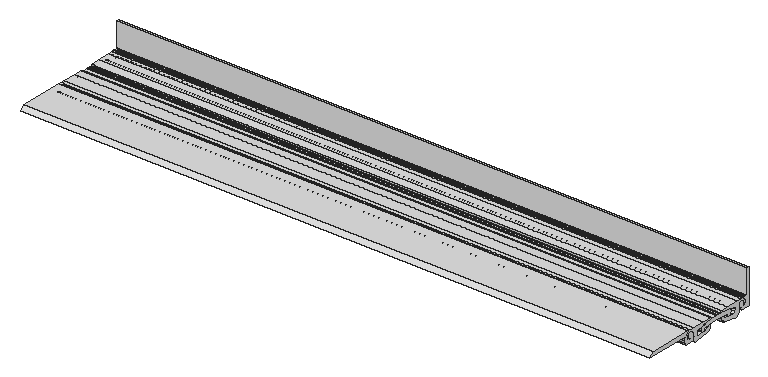
Revit family "Construction-Floors-Conecto-Aluminium Joints ALU AL.125.20", category Specialty Equipment, Revit 2015
Parameters (values of type "Aluminium Joints ALU AL.125.20 N CV")
  Youtube clip = ""
  Weight Net (Kg) = "0"
  Uniformat II Description = ""
  Uniformat II Code = ""
  Uniclass 2015 Name = "Roofs, floor and paving elements"
  Uniclass 2015 Code = "EF_30"
  Uniclass 2.0 Description = ""
  Uniclass 2.0 Code = ""
  Uniclass 1.4 Description = ""
  Uniclass 1.4 Code = ""
  UNSPSC Code = ""
  Technical description = "http://www.conecto-profiles.com/aluminium-joints/floor-joints/alu"
  Rubber Level = 4.5 mm
  Region South America = "None"
  Region Oceania = "None"
  Region North America = "None"
  Region Middle East = "None"
  Region Europe = "AD, AL, AT, AX, BA, BE, BG, BY, CH, CY, CZ, DE, DK, EE, ES, FI, FO, FR, GB, GG, GI, GR, HR, HU, IE, IM, IS, IT, JE, LI, LT, LU, LV, MC, MD, ME, MK, MT, NL, NO, PL, PT, RO, RS, RU, SE, SI, SJ, SK, SM, UA, VA"
  Region Asia = "None"
  Region Antarctica = "None"
  Region Africa = "None"
  QR code = "http://bimobject.com/conecto/product/125"
  Profile = Aluminium - CONECTO - Grey
  Product url = "http://www.conecto-profiles.com/aluminium-joints/floor-joints/alu"
  Product group = "Aluminum profiles"
  Product family = "Expansion profiles"
  Product data url = "https://bimobject.com/conecto/product/125"
  Product certification = ""
  Product SKU = "125"
  Product Guid = "884ffe36-e9b9-4857-93db-e3b185e06c1f"  # constant formula
  OmniClass Description = "Profiles"
  OmniClass Code = "23-13 17 00"
  Nominal width = 125 mm
  Nominal height = 0 mm
  NBS Reference Description = ""
  NBS Reference Code = ""
  N CV = yes
  N = no
  Material secondary = ""
  Material main = "Aluminium"
  Masterformat 2014 Description = ""
  Masterformat 2014 Code = ""
  Manufacturer name = "Conecto"
  Manufacturer country = "Poland"
  Manufacturer = "Conecto"  # constant formula
  Length (mm) [instance] = [built-in parameter 1001306]  # 1000 mm
  built-in parameter 1001306 [instance] = 1000 mm
  Installation instructions = ""
  IFC Classification = "Building Element"
  GTIN code = ""
  Edition number = 1
  Design country = "Poland"
  Date of publishing = "10/18/2019"
  COBIe Type Category = ""
  Brand url = "http://www.profiledylatacyjne.com.pl/"
  BIMobject main category code = "construction"
  BIMobject main category = "Construction"
  BIMobject category code = "construction-floors"
  BIMobject category = "Decks, Slabs & Floors"
  97 CV = no
  97 = no
  .87 CV = no
  .87 = no
  .77 CV = no
  .77 = no
  .62 CV = no
  .62 = no
  .52 CV = no
  .52 = no
  42 CV = no
  42 = no
  .30 CV = no
  .30 = no
  .22 CV = no
  .22 = no
  .15 CV = no
  .15 = no
  #CONST_.20-70 = 70 mm
  Void under Ref level [instance] = 10 mm
Reference planes
  plane 1 "Center (Front/Back)": y = 0
  plane 2: z = 0
  plane 3 "Left": x = 0
  plane 4 "Right": x = 1000
  plane 5: z = -10
  plane 6: z = 4.5
  plane 7: z = 4.501
  plane 8: z = 4.501
Forms (mm)
  Extrusion 1, solid, not visible
    sketch origin (-2850, 171.713, -127.927) x (0, 1, 0) y (0, 0, 1)
      loop
        line (-184.565, 130.919) -> (-184.565, 127.919) -> (-183.2, 127.919) -> (-182.558, 125.719) -> (-184.518, 125.719) -> (-182.923, 122.719) -> (-184.198, 122.719) -> (-183.028, 119.912) -> (-179.301, 119.912) -> (-178.131, 122.719) -> (-179.407, 122.719) -> (-177.811, 125.719) -> (-179.772, 125.719) -> (-179.13, 127.919) -> (-174.23, 127.919) -> (-175.003, 126.004)
        arc (-175.003, 126.004) -> (-174.407, 123.11) -> (-171.713, 121.895) r 3.25
        arc (-171.713, 121.895) -> (-169.019, 123.11) -> (-168.423, 126.004) r 3.25
        line (-168.423, 126.004) -> (-169.196, 127.919) -> (-164.296, 127.919) -> (-163.654, 125.719) -> (-165.615, 125.719) -> (-164.019, 122.719) -> (-165.295, 122.719) -> (-164.125, 119.912) -> (-160.398, 119.912) -> (-159.228, 122.719) -> (-160.503, 122.719) -> (-158.908, 125.719) -> (-160.869, 125.719) -> (-160.226, 127.919) -> (-158.861, 127.919) -> (-158.861, 130.919) -> (-170.813, 130.919) -> (-170.813, 127.919) -> (-169.869, 125.605)
        arc (-169.869, 125.605) -> (-170.213, 124.019) -> (-171.713, 123.398) r 1.75
        arc (-171.713, 123.398) -> (-173.213, 124.019) -> (-173.557, 125.605) r 1.75
        line (-173.557, 125.605) -> (-172.613, 127.919) -> (-172.613, 130.919) -> (-184.565, 130.919)
    from 0 to 1200
  Extrusion 2, solid, not visible
    sketch origin (0, 171.713, 15.235) x (0, 1, 0) y (0, 0, 1)
      loop
        line (-184.565, 130.919) -> (-184.565, 127.919) -> (-183.2, 127.919) -> (-182.558, 125.719) -> (-184.271, 125.719) -> (-182.823, 119.912) -> (-179.301, 119.912) -> (-177.853, 125.719) -> (-179.772, 125.719) -> (-179.13, 127.919) -> (-174.23, 127.919) -> (-175.003, 126.004)
        arc (-175.003, 126.004) -> (-174.407, 123.11) -> (-171.713, 121.895) r 3.25
        arc (-171.713, 121.895) -> (-169.019, 123.11) -> (-168.423, 126.004) r 3.25
        line (-168.423, 126.004) -> (-169.196, 127.919) -> (-164.296, 127.919) -> (-163.654, 125.719) -> (-165.573, 125.719) -> (-164.125, 119.912) -> (-160.603, 119.912) -> (-159.155, 125.719) -> (-160.869, 125.719) -> (-160.226, 127.919) -> (-158.861, 127.919) -> (-158.861, 130.919) -> (-170.813, 130.919) -> (-170.813, 127.919) -> (-169.869, 125.605)
        arc (-169.869, 125.605) -> (-170.213, 124.019) -> (-171.713, 123.398) r 1.75
        arc (-171.713, 123.398) -> (-173.213, 124.019) -> (-173.557, 125.605) r 1.75
        line (-173.557, 125.605) -> (-172.613, 127.919) -> (-172.613, 130.919) -> (-184.565, 130.919)
    from 0 to 300
  Extrusion 3, void
    sketch origin (0, 0, 0) x (0, 1, 0) y (0, 0, 1)
      loop
        line (59.89, 12.014) -> (-60, 12.014) -> (-60, -10) -> (59.89, -10) -> (59.89, 12.014)
    from 0 to 1000
Lines and regions (mm)
  reference lines
    curve 1: line (0, 0, 0) -> (1000, 0, 0)
Dimensions and locks
  "built-in parameter 1001306": plane 3 "Left" to plane 4 "Right"
  "Void under Ref level": plane 2 to plane 5
  "Rubber Level": plane 2 to plane 6
  aligned and locked: plane 4 "Right" to curve 1
  aligned and locked: plane 1 "Center (Front/Back)" to curve 1
  aligned and locked: plane 3 "Left" to curve 1
  aligned and locked: level to plane 2
  aligned and locked: plane 3 "Left" to nested 2
  aligned and locked: Extrusion 3 sketch curve to plane 5
  aligned and locked: Extrusion 3 to curve 1
Automatic sketch dimensions
  Extrusion 1 sketch curve to Extrusion 1 sketch curve = 0 mm  (x11)
  Extrusion 1 sketch curve to Extrusion 1 sketch curve = 1.687 mm  (x2)
  Extrusion 1 sketch curve to Extrusion 1 sketch curve = 1.617 mm  (x2)
  Extrusion 1 sketch curve to Extrusion 1 sketch curve = 1.446 mm  (x2)
  Extrusion 1 sketch curve to Extrusion 1 sketch curve = 2.808 mm  (x2)
  Extrusion 1 sketch curve to Extrusion 1 sketch curve = 0.32 mm  (x2)
  Extrusion 1 sketch curve to Extrusion 1 sketch curve = 1.318 mm  (x2)
  Extrusion 1 sketch curve to Extrusion 1 sketch curve = 1.169 mm  (x2)
  Extrusion 1 sketch curve to Extrusion 1 sketch curve = 1.275 mm  (x4)
  Extrusion 1 sketch curve to Extrusion 1 sketch curve = 1.96 mm  (x4)
  Extrusion 1 sketch curve to Extrusion 1 sketch curve = 2.786 mm  (x2)
  Extrusion 1 sketch curve to Extrusion 1 sketch curve = 0.365 mm  (x2)
  Extrusion 1 sketch curve to Extrusion 1 sketch curve = 0.106 mm  (x2)
  Extrusion 1 sketch curve to Extrusion 1 sketch curve = 0.642 mm  (x2)
  Extrusion 1 sketch curve to Extrusion 1 sketch curve = 1.365 mm  (x2)
  Extrusion 1 sketch curve to Extrusion 1 sketch curve = 2.807 mm  (x5)
  Extrusion 1 sketch curve to Extrusion 1 sketch curve = 3 mm  (x5)
  Extrusion 1 sketch curve to Extrusion 1 sketch curve = 0.398 mm  (x2)
  Extrusion 1 sketch curve to Extrusion 1 sketch curve = 0.773 mm
  Extrusion 1 sketch curve to Extrusion 1 sketch curve = 0.315 mm
  Extrusion 1 sketch curve to Extrusion 1 sketch curve = 1.8 mm
  Extrusion 1 sketch curve to Extrusion 1 sketch curve = 0.578 mm
  Extrusion 1 sketch curve to Extrusion 1 sketch curve = 0.465 mm  (x2)
  Extrusion 1 sketch curve to Extrusion 1 sketch curve = 0.285 mm
  Extrusion 1 sketch curve to Extrusion 1 sketch curve = 2.2 mm  (x3)
  Extrusion 1 sketch curve to Extrusion 1 sketch curve = 1.915 mm
  Extrusion 2 sketch curve to Extrusion 2 sketch curve = 0 mm  (x10)
  Extrusion 2 sketch curve to Extrusion 2 sketch curve = 0.294 mm
  Extrusion 2 sketch curve to Extrusion 2 sketch curve = 1.365 mm  (x2)
  Extrusion 2 sketch curve to Extrusion 2 sketch curve = 1.448 mm  (x2)
  Extrusion 2 sketch curve to Extrusion 2 sketch curve = 1.713 mm  (x2)
  Extrusion 2 sketch curve to Extrusion 2 sketch curve = 2.786 mm  (x2)
  Extrusion 2 sketch curve to Extrusion 2 sketch curve = 3.522 mm  (x2)
  Extrusion 2 sketch curve to Extrusion 2 sketch curve = 0.642 mm  (x2)
  Extrusion 2 sketch curve to Extrusion 2 sketch curve = 1.919 mm  (x2)
  Extrusion 2 sketch curve to Extrusion 2 sketch curve = 2.85 mm  (x2)
  Extrusion 2 sketch curve to Extrusion 2 sketch curve = 0.773 mm
  Extrusion 2 sketch curve to Extrusion 2 sketch curve = 1.446 mm  (x2)
  Extrusion 2 sketch curve to Extrusion 2 sketch curve = 1.617 mm  (x2)
  Extrusion 2 sketch curve to Extrusion 2 sketch curve = 1.687 mm  (x2)
  Extrusion 2 sketch curve to Extrusion 2 sketch curve = 0.315 mm
  Extrusion 2 sketch curve to Extrusion 2 sketch curve = 1.8 mm
  Extrusion 2 sketch curve to Extrusion 2 sketch curve = 1.277 mm
  Extrusion 2 sketch curve to Extrusion 2 sketch curve = 5.229 mm
  Extrusion 2 sketch curve to Extrusion 2 sketch curve = 0.465 mm  (x2)
  Extrusion 2 sketch curve to Extrusion 2 sketch curve = 5.807 mm  (x2)
  Extrusion 2 sketch curve to Extrusion 2 sketch curve = 0.398 mm  (x2)
  Extrusion 2 sketch curve to Extrusion 2 sketch curve = 2.2 mm  (x3)
  Extrusion 2 sketch curve to Extrusion 2 sketch curve = 1.915 mm
  Extrusion 2 sketch curve to Extrusion 2 sketch curve = 3 mm  (x2)
  level to Extrusion 3 sketch curve = 12.014 mm
  plane 1 "Center (Front/Back)" to Extrusion 3 sketch curve = 60 mm
  Extrusion 3 sketch curve to plane 1 "Center (Front/Back)" = 59.89 mm
Nested families
  nested 1: "Standard" at (0, 0, 74.485), type "Standard"
    with N CV yes, N Base yes, 52 CV no, .52 Base no
  nested 2: "Rubber" at (0, 1.017, -9.202), type "Rubber"
  nested 3: "Standard" at (0, 0, 74.485), type "Standard", not visible
    with N CV yes, N Base yes, 52 CV no, .52 Base no
  nested 4: "Rubber" at (0, 1.017, -9.202), type "Rubber", not visible
Definition of nested family "Standard"
  Parameters (values of type "Standard")
    Space = 92.5 mm
    N CV = no
    N Base = or(N, N CV)  # no
    N = no
    Material = none
    Length = 1000 mm
    97 CV = no
    97 = no
    87 CV = no
    87 = no
    77 CV = no
    77 = no
    62 CV = no
    62 = no
    52 CV = yes
    .97 Base = or([97], [97 CV])  # no
    .87 Base = or([87], [87 CV])  # no
    .77 Base = or([77], [77 CV])  # no
    .62 Base = or([62], [62 CV])  # no
    .52 Base = or([52], [52 CV])  # yes
    52 = no
    42 CV = no
    .42 Base = or([42], [42 CV])  # no
    42 = no
    30 CV = no
    .15 Base = or([15], [15 CV])  # no
    .14 Base = or([30], [30 CV])  # no
    30 = no
    22 CV = no
    .22 Base = or([22], [22 CV])  # no
    22 = no
    15 CV = no
    .30 Base = or([30], [30 CV])  # no
    15 = no
  Reference planes
    plane 1 "Center (Front/Back)": y = 0
    plane 2: z = -84.674
    plane 3 "Center (Left/Right)": x = 0
    plane 4: x = 1000
    plane 5: y = -46.25
    plane 6: y = 46.25
    plane 7: z = 14.705
  Forms (mm)
    Extrusion 1, solid, material <- "Material", visible <- "97 CV"
      sketch origin (0, 265.991, -904.766) x (0, 1, 0) y (0, 0, 1)
        loop
          line (-201.923, 873.746) -> (-205.04, 873.746) -> (-205.04, 835.127) -> (-205.96, 834.792) -> (-209.827, 834.792) -> (-210.641, 834.496) -> (-210.718, 833.393) -> (-208.945, 831.491) -> (-208.417, 832.217) -> (-207.752, 832.736) -> (-206.82, 832.622) -> (-206.117, 831.722) -> (-205.767, 830.705) -> (-206.108, 829.814) -> (-206.916, 829.438) -> (-207.876, 829.573) -> (-207.876, 828.777) -> (-207.577, 827.908) -> (-207.52, 826.828) -> (-207.571, 825.864) -> (-207.711, 824.98) -> (-207.95, 824.148) -> (-208.409, 823.064) -> (-209.025, 822.529) -> (-212.252, 822.529) -> (-213.023, 823.216) -> (-212.803, 824.037) -> (-212.317, 824.758) -> (-211.965, 825.586) -> (-211.777, 826.401) -> (-211.83, 827.414) -> (-212.168, 828.454) -> (-212.625, 829.245) -> (-213.196, 829.816) -> (-213.85, 830.274) -> (-214.582, 830.57) -> (-215.423, 830.749) -> (-216.267, 830.749) -> (-217.048, 830.554) -> (-217.756, 830.209) -> (-218.421, 829.744) -> (-218.961, 829.144) -> (-219.426, 828.339) -> (-219.663, 827.513) -> (-219.723, 826.646) -> (-219.596, 825.742) -> (-219.258, 824.946) -> (-218.755, 824.227) -> (-213.966, 818.405) -> (-201.923, 818.405) -> (-201.923, 873.746)
      from 0 to 1000
    Extrusion 2, solid, material <- "Material", visible <- "87 CV"
      sketch origin (0, 265.988, -904.764) x (0, 1, 0) y (0, 0, 1)
        loop
          line (-201.923, 873.746) -> (-205.04, 873.746) -> (-205.04, 835.127) -> (-205.96, 834.792) -> (-209.827, 834.792) -> (-210.641, 834.496) -> (-210.718, 833.393) -> (-208.945, 831.491) -> (-208.417, 832.217) -> (-207.752, 832.736) -> (-206.82, 832.622) -> (-206.117, 831.722) -> (-205.767, 830.705) -> (-206.108, 829.814) -> (-206.916, 829.438) -> (-207.876, 829.573) -> (-207.876, 828.777) -> (-207.577, 827.908) -> (-207.52, 826.828) -> (-207.571, 825.864) -> (-207.711, 824.98) -> (-207.95, 824.148) -> (-208.409, 823.064) -> (-209.025, 822.529) -> (-212.252, 822.529) -> (-213.023, 823.216) -> (-212.803, 824.037) -> (-212.317, 824.758) -> (-211.965, 825.586) -> (-211.777, 826.401) -> (-211.83, 827.414) -> (-212.168, 828.454) -> (-212.625, 829.245) -> (-213.196, 829.816) -> (-213.85, 830.274) -> (-214.582, 830.57) -> (-215.423, 830.749) -> (-216.267, 830.749) -> (-217.048, 830.554) -> (-217.756, 830.209) -> (-218.421, 829.744) -> (-218.961, 829.144) -> (-219.426, 828.339) -> (-219.663, 827.513) -> (-219.723, 826.646) -> (-219.596, 825.742) -> (-219.258, 824.946) -> (-218.755, 824.227) -> (-213.966, 818.405) -> (-201.923, 818.405) -> (-201.923, 873.746)
      from 0 to 1000
    Extrusion 3, solid, material <- "Material", visible <- "77 CV"
      sketch origin (0, 265.99, -904.764) x (0, 1, 0) y (0, 0, 1)
        loop
          line (-201.923, 873.746) -> (-205.04, 873.746) -> (-205.04, 835.127) -> (-205.96, 834.792) -> (-209.827, 834.792) -> (-210.641, 834.496) -> (-210.718, 833.393) -> (-208.945, 831.491) -> (-208.417, 832.217) -> (-207.752, 832.736) -> (-206.82, 832.622) -> (-206.117, 831.722) -> (-205.767, 830.705) -> (-206.108, 829.814) -> (-206.916, 829.438) -> (-207.876, 829.573) -> (-207.876, 828.777) -> (-207.577, 827.908) -> (-207.52, 826.828) -> (-207.571, 825.864) -> (-207.711, 824.98) -> (-207.95, 824.148) -> (-208.409, 823.064) -> (-209.025, 822.529) -> (-212.252, 822.529) -> (-213.023, 823.216) -> (-212.803, 824.037) -> (-212.317, 824.758) -> (-211.965, 825.586) -> (-211.777, 826.401) -> (-211.83, 827.414) -> (-212.168, 828.454) -> (-212.625, 829.245) -> (-213.196, 829.816) -> (-213.85, 830.274) -> (-214.582, 830.57) -> (-215.423, 830.749) -> (-216.267, 830.749) -> (-217.048, 830.554) -> (-217.756, 830.209) -> (-218.421, 829.744) -> (-218.961, 829.144) -> (-219.426, 828.339) -> (-219.663, 827.513) -> (-219.723, 826.646) -> (-219.596, 825.742) -> (-219.258, 824.946) -> (-218.755, 824.227) -> (-213.966, 818.405) -> (-201.923, 818.405) -> (-201.923, 873.746)
      from 0 to 1000
    Extrusion 4, solid, material <- "Material", visible <- "62 CV"
      sketch origin (0, 265.99, -989.381) x (0, 1, 0) y (0, 0, 1)
        loop
          line (-201.923, 958.42) -> (-205.04, 958.42) -> (-205.04, 919.801) -> (-205.96, 919.466) -> (-209.827, 919.466) -> (-210.641, 919.17) -> (-210.718, 918.067) -> (-208.945, 916.165) -> (-208.417, 916.891) -> (-207.752, 917.41) -> (-206.82, 917.296) -> (-206.117, 916.395) -> (-205.767, 915.379) -> (-206.108, 914.488) -> (-206.916, 914.112) -> (-207.876, 914.247) -> (-207.876, 913.451) -> (-207.577, 912.582) -> (-207.52, 911.502) -> (-207.571, 910.538) -> (-207.711, 909.654) -> (-207.95, 908.822) -> (-208.409, 907.738) -> (-209.025, 907.203) -> (-212.252, 907.203) -> (-213.023, 907.89) -> (-212.803, 908.711) -> (-212.317, 909.431) -> (-211.965, 910.26) -> (-211.777, 911.075) -> (-211.83, 912.088) -> (-212.168, 913.128) -> (-212.625, 913.919) -> (-213.196, 914.49) -> (-213.85, 914.948) -> (-214.582, 915.244) -> (-215.423, 915.423) -> (-216.267, 915.423) -> (-217.048, 915.228) -> (-217.756, 914.883) -> (-218.421, 914.417) -> (-218.961, 913.818) -> (-219.426, 913.012) -> (-219.663, 912.187) -> (-219.723, 911.32) -> (-219.596, 910.416) -> (-219.258, 909.619) -> (-218.755, 908.901) -> (-213.966, 903.079) -> (-201.923, 903.079) -> (-201.923, 958.42)
      from 0 to 1000
    Extrusion 5, solid, material <- "Material", visible <- "52 CV"
      sketch origin (0, 265.991, -904.766) x (0, 1, 0) y (0, 0, 1)
        loop
          line (-201.923, 873.746) -> (-205.04, 873.746) -> (-205.04, 835.127) -> (-205.96, 834.792) -> (-209.827, 834.792) -> (-210.641, 834.496) -> (-210.718, 833.393) -> (-208.945, 831.491) -> (-208.417, 832.217) -> (-207.752, 832.736) -> (-206.82, 832.622) -> (-206.117, 831.722) -> (-205.767, 830.705) -> (-206.108, 829.814) -> (-206.916, 829.438) -> (-207.876, 829.573) -> (-207.876, 828.777) -> (-207.577, 827.908) -> (-207.52, 826.828) -> (-207.571, 825.864) -> (-207.711, 824.98) -> (-207.95, 824.148) -> (-208.409, 823.064) -> (-209.025, 822.529) -> (-212.252, 822.529) -> (-213.023, 823.216) -> (-212.803, 824.037) -> (-212.317, 824.758) -> (-211.965, 825.586) -> (-211.777, 826.401) -> (-211.83, 827.414) -> (-212.168, 828.454) -> (-212.625, 829.245) -> (-213.196, 829.816) -> (-213.85, 830.274) -> (-214.582, 830.57) -> (-215.423, 830.749) -> (-216.267, 830.749) -> (-217.048, 830.554) -> (-217.756, 830.209) -> (-218.421, 829.744) -> (-218.961, 829.144) -> (-219.426, 828.339) -> (-219.663, 827.513) -> (-219.723, 826.646) -> (-219.596, 825.742) -> (-219.258, 824.946) -> (-218.755, 824.227) -> (-213.966, 818.405) -> (-201.923, 818.405) -> (-201.923, 873.746)
      from 0 to 1000
    Extrusion 6, solid, material <- "Material", visible <- "42 CV"
      sketch origin (0, 265.988, -904.764) x (0, 1, 0) y (0, 0, 1)
        loop
          line (-201.923, 873.746) -> (-205.04, 873.746) -> (-205.04, 835.127) -> (-205.96, 834.792) -> (-209.827, 834.792) -> (-210.641, 834.496) -> (-210.718, 833.393) -> (-208.945, 831.491) -> (-208.417, 832.217) -> (-207.752, 832.736) -> (-206.82, 832.622) -> (-206.117, 831.722) -> (-205.767, 830.705) -> (-206.108, 829.814) -> (-206.916, 829.438) -> (-207.876, 829.573) -> (-207.876, 828.777) -> (-207.577, 827.908) -> (-207.52, 826.828) -> (-207.571, 825.864) -> (-207.711, 824.98) -> (-207.95, 824.148) -> (-208.409, 823.064) -> (-209.025, 822.529) -> (-212.252, 822.529) -> (-213.023, 823.216) -> (-212.803, 824.037) -> (-212.317, 824.758) -> (-211.965, 825.586) -> (-211.777, 826.401) -> (-211.83, 827.414) -> (-212.168, 828.454) -> (-212.625, 829.245) -> (-213.196, 829.816) -> (-213.85, 830.274) -> (-214.582, 830.57) -> (-215.423, 830.749) -> (-216.267, 830.749) -> (-217.048, 830.554) -> (-217.756, 830.209) -> (-218.421, 829.744) -> (-218.961, 829.144) -> (-219.426, 828.339) -> (-219.663, 827.513) -> (-219.723, 826.646) -> (-219.596, 825.742) -> (-219.258, 824.946) -> (-218.755, 824.227) -> (-213.966, 818.405) -> (-201.923, 818.405) -> (-201.923, 873.746)
      from 0 to 1000
    Extrusion 7, solid, material <- "Material", visible <- "30 CV"
      sketch origin (0, 265.99, -904.764) x (0, 1, 0) y (0, 0, 1)
        loop
          line (-201.923, 873.746) -> (-205.04, 873.746) -> (-205.04, 835.127) -> (-205.96, 834.792) -> (-209.827, 834.792) -> (-210.641, 834.496) -> (-210.718, 833.393) -> (-208.945, 831.491) -> (-208.417, 832.217) -> (-207.752, 832.736) -> (-206.82, 832.622) -> (-206.117, 831.722) -> (-205.767, 830.705) -> (-206.108, 829.814) -> (-206.916, 829.438) -> (-207.876, 829.573) -> (-207.876, 828.777) -> (-207.577, 827.908) -> (-207.52, 826.828) -> (-207.571, 825.864) -> (-207.711, 824.98) -> (-207.95, 824.148) -> (-208.409, 823.064) -> (-209.025, 822.529) -> (-212.252, 822.529) -> (-213.023, 823.216) -> (-212.803, 824.037) -> (-212.317, 824.758) -> (-211.965, 825.586) -> (-211.777, 826.401) -> (-211.83, 827.414) -> (-212.168, 828.454) -> (-212.625, 829.245) -> (-213.196, 829.816) -> (-213.85, 830.274) -> (-214.582, 830.57) -> (-215.423, 830.749) -> (-216.267, 830.749) -> (-217.048, 830.554) -> (-217.756, 830.209) -> (-218.421, 829.744) -> (-218.961, 829.144) -> (-219.426, 828.339) -> (-219.663, 827.513) -> (-219.723, 826.646) -> (-219.596, 825.742) -> (-219.258, 824.946) -> (-218.755, 824.227) -> (-213.966, 818.405) -> (-201.923, 818.405) -> (-201.923, 873.746)
      from 0 to 1000
    Extrusion 8, solid, material <- "Material", visible <- "22 CV"
      sketch origin (0, 265.99, -989.381) x (0, 1, 0) y (0, 0, 1)
        loop
          line (-201.923, 958.42) -> (-205.04, 958.42) -> (-205.04, 919.801) -> (-205.96, 919.466) -> (-209.827, 919.466) -> (-210.641, 919.17) -> (-210.718, 918.067) -> (-208.945, 916.165) -> (-208.417, 916.891) -> (-207.752, 917.41) -> (-206.82, 917.296) -> (-206.117, 916.395) -> (-205.767, 915.379) -> (-206.108, 914.488) -> (-206.916, 914.112) -> (-207.876, 914.247) -> (-207.876, 913.451) -> (-207.577, 912.582) -> (-207.52, 911.502) -> (-207.571, 910.538) -> (-207.711, 909.654) -> (-207.95, 908.822) -> (-208.409, 907.738) -> (-209.025, 907.203) -> (-212.252, 907.203) -> (-213.023, 907.89) -> (-212.803, 908.711) -> (-212.317, 909.431) -> (-211.965, 910.26) -> (-211.777, 911.075) -> (-211.83, 912.088) -> (-212.168, 913.128) -> (-212.625, 913.919) -> (-213.196, 914.49) -> (-213.85, 914.948) -> (-214.582, 915.244) -> (-215.423, 915.423) -> (-216.267, 915.423) -> (-217.048, 915.228) -> (-217.756, 914.883) -> (-218.421, 914.417) -> (-218.961, 913.818) -> (-219.426, 913.012) -> (-219.663, 912.187) -> (-219.723, 911.32) -> (-219.596, 910.416) -> (-219.258, 909.619) -> (-218.755, 908.901) -> (-213.966, 903.079) -> (-201.923, 903.079) -> (-201.923, 958.42)
      from 0 to 1000
    Extrusion 9, solid, material <- "Material", visible <- "15 CV"
      sketch origin (0, 265.976, -904.758) x (0, 1, 0) y (0, 0, 1)
        loop
          line (-201.923, 873.746) -> (-205.04, 873.746) -> (-205.04, 835.127) -> (-205.96, 834.792) -> (-209.827, 834.792) -> (-210.641, 834.496) -> (-210.718, 833.393) -> (-208.945, 831.491) -> (-208.417, 832.217) -> (-207.752, 832.736) -> (-206.82, 832.622) -> (-206.117, 831.722) -> (-205.767, 830.705) -> (-206.108, 829.814) -> (-206.916, 829.438) -> (-207.876, 829.573) -> (-207.876, 828.777) -> (-207.577, 827.908) -> (-207.52, 826.828) -> (-207.571, 825.864) -> (-207.711, 824.98) -> (-207.95, 824.148) -> (-208.409, 823.064) -> (-209.025, 822.529) -> (-212.252, 822.529) -> (-213.023, 823.216) -> (-212.803, 824.037) -> (-212.317, 824.758) -> (-211.965, 825.586) -> (-211.777, 826.401) -> (-211.83, 827.414) -> (-212.168, 828.454) -> (-212.625, 829.245) -> (-213.196, 829.816) -> (-213.85, 830.274) -> (-214.582, 830.57) -> (-215.423, 830.749) -> (-216.267, 830.749) -> (-217.048, 830.554) -> (-217.756, 830.209) -> (-218.421, 829.744) -> (-218.961, 829.144) -> (-219.426, 828.339) -> (-219.663, 827.513) -> (-219.723, 826.646) -> (-219.596, 825.742) -> (-219.258, 824.946) -> (-218.755, 824.227) -> (-213.966, 818.405) -> (-201.923, 818.405) -> (-201.923, 873.746)
      from 0 to 1000
    Extrusion 10, solid, material <- "Material", visible <- "N CV"
      sketch origin (0, 265.973, -904.756) x (0, 1, 0) y (0, 0, 1)
        loop
          line (-201.923, 873.746) -> (-205.04, 873.746) -> (-205.04, 835.127) -> (-205.96, 834.792) -> (-209.827, 834.792) -> (-210.641, 834.496) -> (-210.718, 833.393) -> (-208.945, 831.491) -> (-208.417, 832.217) -> (-207.752, 832.736) -> (-206.82, 832.622) -> (-206.117, 831.722) -> (-205.767, 830.705) -> (-206.108, 829.814) -> (-206.916, 829.438) -> (-207.876, 829.573) -> (-207.876, 828.777) -> (-207.577, 827.908) -> (-207.52, 826.828) -> (-207.571, 825.864) -> (-207.711, 824.98) -> (-207.95, 824.148) -> (-208.409, 823.064) -> (-209.025, 822.529) -> (-212.252, 822.529) -> (-213.023, 823.216) -> (-212.803, 824.037) -> (-212.317, 824.758) -> (-211.965, 825.586) -> (-211.777, 826.401) -> (-211.83, 827.414) -> (-212.168, 828.454) -> (-212.625, 829.245) -> (-213.196, 829.816) -> (-213.85, 830.274) -> (-214.582, 830.57) -> (-215.423, 830.749) -> (-216.267, 830.749) -> (-217.048, 830.554) -> (-217.756, 830.209) -> (-218.421, 829.744) -> (-218.961, 829.144) -> (-219.426, 828.339) -> (-219.663, 827.513) -> (-219.723, 826.646) -> (-219.596, 825.742) -> (-219.258, 824.946) -> (-218.755, 824.227) -> (-213.966, 818.405) -> (-201.923, 818.405) -> (-201.923, 873.746)
      from 0 to 1000
    Extrusion 11, solid, material <- "Material", visible <- ".97 Base"
      sketch origin (0, 265.433, 968.395) x (0, 1, 0) y (0, 0, 1)
        loop
          line (-328.099, -1038.38) -> (-328.099, -1047.322) -> (-327.155, -1051.761) -> (-328.066, -1052.847) -> (-328.066, -1055.109) -> (-321.573, -1055.109) -> (-320.746, -1054.612) -> (-319.959, -1054.386) -> (-319.07, -1054.386) -> (-318.193, -1054.688) -> (-317.564, -1055.162) -> (-317.041, -1055.764) -> (-316.694, -1056.543) -> (-316.609, -1057.347) -> (-316.68, -1058.158) -> (-317.165, -1059.151) -> (-317.886, -1059.824) -> (-318.6, -1060.204) -> (-319.375, -1060.354) -> (-320.163, -1060.285) -> (-320.938, -1060.033) -> (-321.545, -1059.542) -> (-322.453, -1059.606) -> (-328.108, -1059.606) -> (-328.108, -1062.159) -> (-325.808, -1062.564) -> (-318.108, -1063.974) -> (-317.835, -1064.768) -> (-317.835, -1128.086) -> (-318.253, -1129.646) -> (-319.023, -1130.564) -> (-320.727, -1131.151) -> (-322.881, -1130.848) -> (-385.157, -1130.848) -> (-387.235, -1132.048) -> (-387.92, -1132.732) -> (-387.786, -1134.643) -> (-386.961, -1135.222) -> (-385.536, -1135.396) -> (-313.708, -1135.396) -> (-313.708, -1061.81) -> (-312.573, -1058.514) -> (-312.573, -1055.983) -> (-313.708, -1052.687) -> (-313.708, -1047.26) -> (-313.052, -1046.389) -> (-311.792, -1046.389) -> (-311.792, -1045.229) -> (-312.573, -1043.929) -> (-313.419, -1043.219) -> (-314.229, -1042.714) -> (-315.061, -1042.506) -> (-315.992, -1042.408) -> (-316.903, -1042.552) -> (-317.825, -1042.925) -> (-318.601, -1043.624) -> (-319.258, -1044.353) -> (-319.636, -1045.164) -> (-319.791, -1045.963) -> (-319.791, -1047.063) -> (-319.533, -1047.858) -> (-319.045, -1048.776) -> (-318.56, -1049.688) -> (-318.858, -1050.426) -> (-319.6, -1050.741) -> (-322.245, -1050.741) -> (-322.964, -1050.358) -> (-323.455, -1049.435) -> (-323.804, -1048.361) -> (-324.049, -1046.361) -> (-323.953, -1045.256) -> (-323.644, -1043.667) -> (-324.475, -1043.667) -> (-325.261, -1043.486) -> (-325.759, -1042.847) -> (-325.732, -1042.061) -> (-324.895, -1040.668) -> (-324.121, -1040.431) -> (-323.343, -1040.699) -> (-322.646, -1041.772) -> (-322.051, -1041.037) -> (-321.166, -1040.152) -> (-320.706, -1039.387) -> (-321.311, -1038.38) -> (-328.099, -1038.38)
      from 0 to 1000
    Extrusion 12, solid, material <- "Material", visible <- ".87 Base"
      sketch origin (0, 265.433, 968.395) x (0, 1, 0) y (0, 0, 1)
        loop
          line (-328.099, -1038.38) -> (-328.099, -1047.322) -> (-327.155, -1051.761) -> (-328.066, -1052.847) -> (-328.066, -1055.109) -> (-321.573, -1055.109) -> (-320.746, -1054.612) -> (-319.959, -1054.386) -> (-319.07, -1054.386) -> (-318.193, -1054.688) -> (-317.564, -1055.162) -> (-317.041, -1055.764) -> (-316.694, -1056.543) -> (-316.609, -1057.347) -> (-316.68, -1058.158) -> (-317.165, -1059.151) -> (-317.886, -1059.824) -> (-318.6, -1060.204) -> (-319.375, -1060.354) -> (-320.163, -1060.285) -> (-320.938, -1060.033) -> (-321.545, -1059.542) -> (-322.453, -1059.606) -> (-328.108, -1059.606) -> (-328.108, -1062.159) -> (-325.808, -1062.564) -> (-318.108, -1063.974) -> (-317.835, -1064.768) -> (-317.835, -1117.856) -> (-318.273, -1119.493) -> (-320.388, -1120.714) -> (-385.165, -1120.714) -> (-387.235, -1121.909) -> (-387.92, -1122.594) -> (-387.786, -1124.505) -> (-386.961, -1125.083) -> (-385.536, -1125.258) -> (-313.708, -1125.258) -> (-313.708, -1061.81) -> (-312.573, -1058.514) -> (-312.573, -1055.983) -> (-313.708, -1052.687) -> (-313.708, -1047.26) -> (-313.052, -1046.389) -> (-311.792, -1046.389) -> (-311.792, -1045.229) -> (-312.573, -1043.929) -> (-313.419, -1043.219) -> (-314.229, -1042.714) -> (-315.061, -1042.506) -> (-315.992, -1042.408) -> (-316.903, -1042.552) -> (-317.825, -1042.925) -> (-318.601, -1043.624) -> (-319.258, -1044.353) -> (-319.636, -1045.164) -> (-319.791, -1045.963) -> (-319.791, -1047.063) -> (-319.533, -1047.858) -> (-319.045, -1048.776) -> (-318.56, -1049.688) -> (-318.858, -1050.426) -> (-319.6, -1050.741) -> (-322.245, -1050.741) -> (-322.964, -1050.358) -> (-323.455, -1049.435) -> (-323.804, -1048.361) -> (-324.049, -1046.361) -> (-323.953, -1045.256) -> (-323.644, -1043.667) -> (-324.475, -1043.667) -> (-325.261, -1043.486) -> (-325.759, -1042.847) -> (-325.732, -1042.061) -> (-324.895, -1040.668) -> (-324.121, -1040.431) -> (-323.343, -1040.699) -> (-322.646, -1041.772) -> (-322.051, -1041.037) -> (-321.166, -1040.152) -> (-320.706, -1039.387) -> (-321.311, -1038.38) -> (-328.099, -1038.38)
      from 0 to 1000
    Extrusion 13, solid, material <- "Material", visible <- ".77 Base"
      sketch origin (0, 265.433, 968.395) x (0, 1, 0) y (0, 0, 1)
        loop
          line (-328.099, -1038.38) -> (-328.099, -1047.322) -> (-327.155, -1051.761) -> (-328.066, -1052.847) -> (-328.066, -1055.109) -> (-321.573, -1055.109) -> (-320.746, -1054.612) -> (-319.959, -1054.386) -> (-319.07, -1054.386) -> (-318.193, -1054.688) -> (-317.564, -1055.162) -> (-317.041, -1055.764) -> (-316.694, -1056.543) -> (-316.609, -1057.347) -> (-316.68, -1058.158) -> (-317.165, -1059.151) -> (-317.886, -1059.824) -> (-318.6, -1060.204) -> (-319.375, -1060.354) -> (-320.163, -1060.285) -> (-320.938, -1060.033) -> (-321.545, -1059.542) -> (-322.453, -1059.606) -> (-328.108, -1059.606) -> (-328.108, -1062.159) -> (-325.808, -1062.564) -> (-318.108, -1063.974) -> (-317.835, -1064.768) -> (-317.835, -1109.136) -> (-318.766, -1110.285) -> (-320.091, -1110.99) -> (-322.898, -1110.793) -> (-385.132, -1110.793) -> (-387.335, -1112.065) -> (-388.019, -1112.75) -> (-387.886, -1114.661) -> (-387.06, -1115.239) -> (-385.635, -1115.414) -> (-313.708, -1115.414) -> (-313.708, -1061.81) -> (-312.573, -1058.514) -> (-312.573, -1055.983) -> (-313.708, -1052.687) -> (-313.708, -1047.26) -> (-313.052, -1046.389) -> (-311.792, -1046.389) -> (-311.792, -1045.229) -> (-312.573, -1043.929) -> (-313.419, -1043.219) -> (-314.229, -1042.714) -> (-315.061, -1042.506) -> (-315.992, -1042.408) -> (-316.903, -1042.552) -> (-317.825, -1042.925) -> (-318.601, -1043.624) -> (-319.258, -1044.353) -> (-319.636, -1045.164) -> (-319.791, -1045.963) -> (-319.791, -1047.063) -> (-319.533, -1047.858) -> (-319.045, -1048.776) -> (-318.56, -1049.688) -> (-318.858, -1050.426) -> (-319.6, -1050.741) -> (-322.245, -1050.741) -> (-322.964, -1050.358) -> (-323.455, -1049.435) -> (-323.804, -1048.361) -> (-324.049, -1046.361) -> (-323.953, -1045.256) -> (-323.644, -1043.667) -> (-324.475, -1043.667) -> (-325.261, -1043.486) -> (-325.759, -1042.847) -> (-325.732, -1042.061) -> (-324.895, -1040.668) -> (-324.121, -1040.431) -> (-323.343, -1040.699) -> (-322.646, -1041.772) -> (-322.051, -1041.037) -> (-321.166, -1040.152) -> (-320.706, -1039.387) -> (-321.311, -1038.38) -> (-328.099, -1038.38)
      from 0 to 1000
    Extrusion 14, solid, material <- "Material", visible <- ".62 Base"
      sketch origin (0, 265.434, 968.395) x (0, 1, 0) y (0, 0, 1)
        loop
          line (-328.099, -1038.38) -> (-328.099, -1047.322) -> (-327.155, -1051.761) -> (-328.066, -1052.847) -> (-328.066, -1055.109) -> (-321.573, -1055.109) -> (-320.746, -1054.612) -> (-319.959, -1054.386) -> (-319.07, -1054.386) -> (-318.193, -1054.688) -> (-317.564, -1055.162) -> (-317.041, -1055.764) -> (-316.694, -1056.543) -> (-316.609, -1057.347) -> (-316.68, -1058.158) -> (-317.165, -1059.151) -> (-317.886, -1059.824) -> (-318.6, -1060.204) -> (-319.375, -1060.354) -> (-320.163, -1060.285) -> (-320.938, -1060.033) -> (-321.545, -1059.542) -> (-322.453, -1059.606) -> (-328.108, -1059.606) -> (-328.108, -1062.159) -> (-325.808, -1062.564) -> (-318.108, -1063.974) -> (-317.835, -1064.768) -> (-317.835, -1093.653) -> (-318.231, -1094.742) -> (-318.966, -1095.619) -> (-320.318, -1096.11) -> (-321.106, -1096.179) -> (-322.795, -1095.912) -> (-385.197, -1095.912) -> (-387.26, -1097.103) -> (-387.944, -1097.787) -> (-387.811, -1099.698) -> (-386.985, -1100.277) -> (-385.56, -1100.452) -> (-313.708, -1100.452) -> (-313.708, -1061.81) -> (-312.573, -1058.514) -> (-312.573, -1055.983) -> (-313.708, -1052.687) -> (-313.708, -1047.26) -> (-313.052, -1046.389) -> (-311.792, -1046.389) -> (-311.792, -1045.229) -> (-312.573, -1043.929) -> (-313.419, -1043.219) -> (-314.229, -1042.714) -> (-315.061, -1042.506) -> (-315.992, -1042.408) -> (-316.903, -1042.552) -> (-317.825, -1042.925) -> (-318.601, -1043.624) -> (-319.258, -1044.353) -> (-319.636, -1045.164) -> (-319.791, -1045.963) -> (-319.791, -1047.063) -> (-319.533, -1047.858) -> (-319.045, -1048.776) -> (-318.56, -1049.688) -> (-318.858, -1050.426) -> (-319.6, -1050.741) -> (-322.245, -1050.741) -> (-322.964, -1050.358) -> (-323.455, -1049.435) -> (-323.804, -1048.361) -> (-324.049, -1046.361) -> (-323.953, -1045.256) -> (-323.644, -1043.667) -> (-324.475, -1043.667) -> (-325.261, -1043.486) -> (-325.759, -1042.847) -> (-325.732, -1042.061) -> (-324.895, -1040.668) -> (-324.121, -1040.431) -> (-323.343, -1040.699) -> (-322.646, -1041.772) -> (-322.051, -1041.037) -> (-321.166, -1040.152) -> (-320.706, -1039.387) -> (-321.311, -1038.38) -> (-328.099, -1038.38)
      from 0 to 1000
    Extrusion 15, solid, material <- "Material", visible <- ".52 Base"
      sketch origin (0, 265.433, 968.395) x (0, 1, 0) y (0, 0, 1)
        loop
          line (-328.099, -1038.38) -> (-328.099, -1047.322) -> (-327.155, -1051.761) -> (-328.066, -1052.847) -> (-328.066, -1055.109) -> (-321.573, -1055.109) -> (-320.746, -1054.612) -> (-319.959, -1054.386) -> (-319.07, -1054.386) -> (-318.193, -1054.688) -> (-317.564, -1055.162) -> (-317.041, -1055.764) -> (-316.694, -1056.543) -> (-316.609, -1057.347) -> (-316.68, -1058.158) -> (-317.165, -1059.151) -> (-317.886, -1059.824) -> (-318.6, -1060.204) -> (-319.375, -1060.354) -> (-320.163, -1060.285) -> (-320.938, -1060.033) -> (-321.545, -1059.542) -> (-322.453, -1059.606) -> (-328.108, -1059.606) -> (-328.108, -1062.159) -> (-325.808, -1062.564) -> (-318.108, -1063.974) -> (-317.835, -1064.768) -> (-317.835, -1083.114) -> (-318.602, -1085.013) -> (-319.653, -1085.895) -> (-321.949, -1086.136) -> (-322.902, -1085.881) -> (-385.206, -1085.881) -> (-387.26, -1087.067) -> (-387.944, -1087.751) -> (-387.811, -1089.662) -> (-386.985, -1090.24) -> (-385.56, -1090.415) -> (-313.708, -1090.415) -> (-313.708, -1061.81) -> (-312.573, -1058.514) -> (-312.573, -1055.983) -> (-313.708, -1052.687) -> (-313.708, -1047.26) -> (-313.052, -1046.389) -> (-311.792, -1046.389) -> (-311.792, -1045.229) -> (-312.573, -1043.929) -> (-313.419, -1043.219) -> (-314.229, -1042.714) -> (-315.061, -1042.506) -> (-315.992, -1042.408) -> (-316.903, -1042.552) -> (-317.825, -1042.925) -> (-318.601, -1043.624) -> (-319.258, -1044.353) -> (-319.636, -1045.164) -> (-319.791, -1045.963) -> (-319.791, -1047.063) -> (-319.533, -1047.858) -> (-319.045, -1048.776) -> (-318.56, -1049.688) -> (-318.858, -1050.426) -> (-319.6, -1050.741) -> (-322.245, -1050.741) -> (-322.964, -1050.358) -> (-323.455, -1049.435) -> (-323.804, -1048.361) -> (-324.049, -1046.361) -> (-323.953, -1045.256) -> (-323.644, -1043.667) -> (-324.475, -1043.667) -> (-325.261, -1043.486) -> (-325.759, -1042.847) -> (-325.732, -1042.061) -> (-324.895, -1040.668) -> (-324.121, -1040.431) -> (-323.343, -1040.699) -> (-322.646, -1041.772) -> (-322.051, -1041.037) -> (-321.166, -1040.152) -> (-320.706, -1039.387) -> (-321.311, -1038.38) -> (-328.099, -1038.38)
      from 0 to 1000
    Extrusion 16, solid, material <- "Material", visible <- ".42 Base"
      sketch origin (0, 265.415, 968.416) x (0, 1, 0) y (0, 0, 1)
        loop
          line (-328.099, -1038.38) -> (-328.099, -1047.322) -> (-327.155, -1051.761) -> (-328.066, -1052.847) -> (-328.066, -1055.109) -> (-321.573, -1055.109) -> (-320.746, -1054.612) -> (-319.959, -1054.386) -> (-319.07, -1054.386) -> (-318.193, -1054.688) -> (-317.564, -1055.162) -> (-317.041, -1055.764) -> (-316.694, -1056.543) -> (-316.609, -1057.347) -> (-316.68, -1058.158) -> (-317.165, -1059.151) -> (-317.886, -1059.824) -> (-318.6, -1060.204) -> (-319.375, -1060.354) -> (-320.163, -1060.285) -> (-320.938, -1060.033) -> (-321.545, -1059.542) -> (-322.453, -1059.606) -> (-328.108, -1059.606) -> (-328.108, -1062.159) -> (-325.808, -1062.564) -> (-318.108, -1063.974) -> (-317.835, -1064.768) -> (-317.835, -1073.423) -> (-318.211, -1074.456) -> (-319.1, -1075.515) -> (-320.117, -1075.885) -> (-321.449, -1076.002) -> (-322.843, -1075.756) -> (-385.213, -1075.756) -> (-387.26, -1076.938) -> (-387.944, -1077.622) -> (-387.811, -1079.533) -> (-386.985, -1080.111) -> (-385.56, -1080.286) -> (-313.708, -1080.286) -> (-313.708, -1061.81) -> (-312.573, -1058.514) -> (-312.573, -1055.983) -> (-313.708, -1052.687) -> (-313.708, -1047.26) -> (-313.052, -1046.389) -> (-311.792, -1046.389) -> (-311.792, -1045.229) -> (-312.573, -1043.929) -> (-313.419, -1043.219) -> (-314.229, -1042.714) -> (-315.061, -1042.506) -> (-315.992, -1042.408) -> (-316.903, -1042.552) -> (-317.825, -1042.925) -> (-318.601, -1043.624) -> (-319.258, -1044.353) -> (-319.636, -1045.164) -> (-319.791, -1045.963) -> (-319.791, -1047.063) -> (-319.533, -1047.858) -> (-319.045, -1048.776) -> (-318.56, -1049.688) -> (-318.858, -1050.426) -> (-319.6, -1050.741) -> (-322.245, -1050.741) -> (-322.964, -1050.358) -> (-323.455, -1049.435) -> (-323.804, -1048.361) -> (-324.049, -1046.361) -> (-323.953, -1045.256) -> (-323.644, -1043.667) -> (-324.475, -1043.667) -> (-325.261, -1043.486) -> (-325.759, -1042.847) -> (-325.732, -1042.061) -> (-324.895, -1040.668) -> (-324.121, -1040.431) -> (-323.343, -1040.699) -> (-322.646, -1041.772) -> (-322.051, -1041.037) -> (-321.166, -1040.152) -> (-320.706, -1039.387) -> (-321.311, -1038.38) -> (-328.099, -1038.38)
      from 0 to 1000
    Extrusion 17, solid, material <- "Material", visible <- "N Base"
      sketch origin (0, 265.489, -904.847) x (0, 1, 0) y (0, 0, 1)
        loop
          line (-320.931, 834.863) -> (-388.899, 834.863) -> (-396.694, 830.362) -> (-334.167, 830.362) -> (-332.144, 830.362) -> (-331.031, 830.323) -> (-329.969, 829.936) -> (-329.194, 829.394) -> (-328.465, 828.391) -> (-328.159, 827.161) -> (-327.86, 823.75) -> (-327.029, 821.583) -> (-325.086, 817.416) -> (-324.288, 817.061) -> (-312.411, 817.061) -> (-311.75, 817.82) -> (-311.75, 826.756) -> (-312.067, 828.385) -> (-312.747, 829.356) -> (-313.724, 830.205) -> (-314.742, 830.68) -> (-315.744, 830.785) -> (-316.906, 830.683) -> (-317.751, 830.289) -> (-318.76, 829.501) -> (-319.276, 828.764) -> (-319.566, 827.969) -> (-319.797, 827.04) -> (-319.721, 826.162) -> (-319.348, 824.942) -> (-318.712, 824.035) -> (-318.552, 823.211) -> (-319.177, 822.492) -> (-322.243, 822.492) -> (-323.008, 822.833) -> (-323.537, 823.966) -> (-324.048, 826.595) -> (-323.873, 828.262) -> (-323.632, 829.501) -> (-324.67, 829.501) -> (-325.403, 829.924) -> (-325.752, 830.672) -> (-325.508, 831.581) -> (-324.846, 832.527) -> (-323.743, 832.643) -> (-323.046, 832.156) -> (-322.667, 831.342) -> (-320.761, 833.248) -> (-320.931, 834.863)
      from 0 to 1000
    Extrusion 18, solid, material <- "Material", visible <- ".15 Base"
      sketch origin (0, 265.412, -730.453) x (0, 1, 0) y (0, 0, 1)
        loop
          line (-320.863, 660.485) -> (-328.087, 660.485) -> (-328.087, 648.965) -> (-328.463, 648.256) -> (-329.238, 648.004) -> (-382.464, 648.004) -> (-383.518, 647.893) -> (-385.616, 647.13) -> (-386.046, 646.442) -> (-385.109, 645.504) -> (-311.904, 645.504) -> (-311.904, 653.116) -> (-312.304, 654.214) -> (-313.023, 655.364) -> (-313.937, 656.005) -> (-314.669, 656.286) -> (-315.449, 656.451) -> (-316.282, 656.422) -> (-317.089, 656.265) -> (-317.82, 655.955) -> (-318.554, 655.46) -> (-319.094, 654.839) -> (-319.68, 653.737) -> (-319.869, 652.847) -> (-319.801, 652.062) -> (-319.668, 651.228) -> (-319.112, 650.265) -> (-318.645, 649.621) -> (-318.645, 648.739) -> (-319.236, 648.207) -> (-322.642, 648.207) -> (-323.232, 648.737) -> (-323.823, 650.323) -> (-324.095, 652.511) -> (-323.988, 653.531) -> (-323.805, 654.468) -> (-323.707, 655.266) -> (-325.115, 655.266) -> (-325.738, 655.889) -> (-325.803, 656.819) -> (-325.318, 657.859) -> (-324.212, 658.497) -> (-323.159, 658.006) -> (-322.827, 657.095) -> (-320.863, 659.059) -> (-320.863, 660.485)
      from 0 to 1000
    Extrusion 19, solid, material <- "Material", visible <- ".22 Base"
      sketch origin (0, 265.432, -730.454) x (0, 1, 0) y (0, 0, 1)
        loop
          line (-320.863, 660.485) -> (-328.087, 660.485) -> (-328.087, 644.236) -> (-328.463, 643.527) -> (-329.238, 643.275) -> (-382.464, 643.275) -> (-383.518, 643.165) -> (-385.616, 642.401) -> (-386.046, 641.713) -> (-386.046, 638.659) -> (-322.618, 638.659) -> (-322.618, 639.488) -> (-323.152, 640.197) -> (-323.456, 640.99) -> (-323.558, 641.817) -> (-323.267, 643.078) -> (-322.693, 643.812) -> (-321.914, 644.378) -> (-320.563, 644.69) -> (-319.166, 644.342) -> (-318.102, 643.48) -> (-317.578, 641.866) -> (-317.827, 640.453) -> (-318.52, 639.596) -> (-318.405, 638.666) -> (-311.904, 638.666) -> (-311.904, 645.504) -> (-311.904, 653.116) -> (-312.304, 654.214) -> (-313.023, 655.364) -> (-313.937, 656.005) -> (-314.669, 656.286) -> (-315.449, 656.451) -> (-316.282, 656.422) -> (-317.089, 656.265) -> (-317.82, 655.955) -> (-318.554, 655.46) -> (-319.094, 654.839) -> (-319.68, 653.737) -> (-319.869, 652.847) -> (-319.801, 652.062) -> (-319.668, 651.228) -> (-319.112, 650.265) -> (-318.645, 649.621) -> (-318.645, 648.739) -> (-319.236, 648.207) -> (-322.642, 648.207) -> (-323.232, 648.737) -> (-323.823, 650.323) -> (-324.095, 652.511) -> (-323.988, 653.531) -> (-323.805, 654.468) -> (-323.707, 655.266) -> (-325.115, 655.266) -> (-325.738, 655.889) -> (-325.803, 656.819) -> (-325.318, 657.859) -> (-324.212, 658.497) -> (-323.159, 658.006) -> (-322.827, 657.095) -> (-320.863, 659.059) -> (-320.863, 660.485)
      from 0 to 1000
    Extrusion 20, solid, material <- "Material", visible <- ".30 Base"
      sketch origin (0, 265.421, -730.469) x (0, 1, 0) y (0, 0, 1)
        loop
          line (-320.863, 660.485) -> (-328.087, 660.485) -> (-328.087, 650.485) -> (-324.644, 642.375) -> (-323.49, 642.518) -> (-320.971, 643.587) -> (-318.885, 643.144) -> (-317.959, 642.446) -> (-317.305, 641.512) -> (-316.849, 640.438) -> (-316.849, 638.821) -> (-317.565, 637.215) -> (-318.504, 636.275) -> (-319.634, 635.699) -> (-320.815, 635.554) -> (-322.048, 635.706) -> (-322.956, 636.168) -> (-323.581, 636.64) -> (-324.385, 636.64) -> (-327.656, 635.114) -> (-382.262, 635.114) -> (-384.116, 634.512) -> (-385.896, 633.484) -> (-385.896, 631.009) -> (-385.147, 630.66) -> (-383.61, 630.498) -> (-311.904, 630.498) -> (-311.904, 645.504) -> (-311.904, 653.116) -> (-312.304, 654.214) -> (-313.023, 655.364) -> (-313.937, 656.005) -> (-314.669, 656.286) -> (-315.449, 656.451) -> (-316.282, 656.422) -> (-317.089, 656.265) -> (-317.82, 655.955) -> (-318.554, 655.46) -> (-319.094, 654.839) -> (-319.68, 653.737) -> (-319.869, 652.847) -> (-319.801, 652.062) -> (-319.668, 651.228) -> (-319.112, 650.265) -> (-318.645, 649.621) -> (-318.645, 648.739) -> (-319.236, 648.207) -> (-322.642, 648.207) -> (-323.232, 648.737) -> (-323.823, 650.323) -> (-324.095, 652.511) -> (-323.988, 653.531) -> (-323.805, 654.468) -> (-323.707, 655.266) -> (-325.115, 655.266) -> (-325.738, 655.889) -> (-325.803, 656.819) -> (-325.318, 657.859) -> (-324.212, 658.497) -> (-323.159, 658.006) -> (-322.827, 657.095) -> (-320.863, 659.059) -> (-320.863, 660.485)
      from 0 to 1000
    Extrusion 21, solid, material <- "Material", visible <- "97"
      sketch origin (0, -265.433, 968.395) x (0, -1, 0) y (0, 0, -1)
        loop
          line (-328.099, 1038.38) -> (-321.311, 1038.38) -> (-320.706, 1039.387) -> (-321.166, 1040.152) -> (-322.051, 1041.037) -> (-322.646, 1041.772) -> (-323.343, 1040.699) -> (-324.121, 1040.431) -> (-324.895, 1040.668) -> (-325.732, 1042.061) -> (-325.759, 1042.847) -> (-325.261, 1043.486) -> (-324.475, 1043.667) -> (-323.644, 1043.667) -> (-323.953, 1045.256) -> (-324.049, 1046.361) -> (-323.804, 1048.361) -> (-323.455, 1049.435) -> (-322.964, 1050.358) -> (-322.245, 1050.741) -> (-319.6, 1050.741) -> (-318.858, 1050.426) -> (-318.56, 1049.688) -> (-319.045, 1048.776) -> (-319.533, 1047.858) -> (-319.791, 1047.063) -> (-319.791, 1045.963) -> (-319.636, 1045.164) -> (-319.258, 1044.353) -> (-318.601, 1043.624) -> (-317.825, 1042.925) -> (-316.903, 1042.552) -> (-315.992, 1042.408) -> (-315.061, 1042.506) -> (-314.229, 1042.714) -> (-313.419, 1043.219) -> (-312.573, 1043.929) -> (-311.792, 1045.229) -> (-311.792, 1046.389) -> (-313.052, 1046.389) -> (-313.708, 1047.26) -> (-313.708, 1052.687) -> (-312.573, 1055.983) -> (-312.573, 1058.514) -> (-313.708, 1061.81) -> (-313.708, 1135.396) -> (-385.536, 1135.396) -> (-386.961, 1135.222) -> (-387.786, 1134.643) -> (-387.92, 1132.732) -> (-387.235, 1132.048) -> (-385.157, 1130.848) -> (-322.881, 1130.848) -> (-320.727, 1131.151) -> (-319.023, 1130.564) -> (-318.253, 1129.646) -> (-317.835, 1128.086) -> (-317.835, 1064.768) -> (-318.108, 1063.974) -> (-325.808, 1062.564) -> (-328.108, 1062.159) -> (-328.108, 1059.606) -> (-322.453, 1059.606) -> (-321.545, 1059.542) -> (-320.938, 1060.033) -> (-320.163, 1060.285) -> (-319.375, 1060.354) -> (-318.6, 1060.204) -> (-317.886, 1059.824) -> (-317.165, 1059.151) -> (-316.68, 1058.158) -> (-316.609, 1057.347) -> (-316.694, 1056.543) -> (-317.041, 1055.764) -> (-317.564, 1055.162) -> (-318.193, 1054.688) -> (-319.07, 1054.386) -> (-319.959, 1054.386) -> (-320.746, 1054.612) -> (-321.573, 1055.109) -> (-328.066, 1055.109) -> (-328.066, 1052.847) -> (-327.155, 1051.761) -> (-328.099, 1047.322) -> (-328.099, 1038.38)
      from 0 to 1000
    Extrusion 22, solid, material <- "Material", visible <- "87"
      sketch origin (0, -265.433, 968.395) x (0, -1, 0) y (0, 0, -1)
        loop
          line (-328.099, 1038.38) -> (-321.311, 1038.38) -> (-320.706, 1039.387) -> (-321.166, 1040.152) -> (-322.051, 1041.037) -> (-322.646, 1041.772) -> (-323.343, 1040.699) -> (-324.121, 1040.431) -> (-324.895, 1040.668) -> (-325.732, 1042.061) -> (-325.759, 1042.847) -> (-325.261, 1043.486) -> (-324.475, 1043.667) -> (-323.644, 1043.667) -> (-323.953, 1045.256) -> (-324.049, 1046.361) -> (-323.804, 1048.361) -> (-323.455, 1049.435) -> (-322.964, 1050.358) -> (-322.245, 1050.741) -> (-319.6, 1050.741) -> (-318.858, 1050.426) -> (-318.56, 1049.688) -> (-319.045, 1048.776) -> (-319.533, 1047.858) -> (-319.791, 1047.063) -> (-319.791, 1045.963) -> (-319.636, 1045.164) -> (-319.258, 1044.353) -> (-318.601, 1043.624) -> (-317.825, 1042.925) -> (-316.903, 1042.552) -> (-315.992, 1042.408) -> (-315.061, 1042.506) -> (-314.229, 1042.714) -> (-313.419, 1043.219) -> (-312.573, 1043.929) -> (-311.792, 1045.229) -> (-311.792, 1046.389) -> (-313.052, 1046.389) -> (-313.708, 1047.26) -> (-313.708, 1052.687) -> (-312.573, 1055.983) -> (-312.573, 1058.514) -> (-313.708, 1061.81) -> (-313.708, 1125.258) -> (-385.536, 1125.258) -> (-386.961, 1125.083) -> (-387.786, 1124.505) -> (-387.92, 1122.594) -> (-387.235, 1121.909) -> (-385.165, 1120.714) -> (-320.388, 1120.714) -> (-318.273, 1119.493) -> (-317.835, 1117.856) -> (-317.835, 1064.768) -> (-318.108, 1063.974) -> (-325.808, 1062.564) -> (-328.108, 1062.159) -> (-328.108, 1059.606) -> (-322.453, 1059.606) -> (-321.545, 1059.542) -> (-320.938, 1060.033) -> (-320.163, 1060.285) -> (-319.375, 1060.354) -> (-318.6, 1060.204) -> (-317.886, 1059.824) -> (-317.165, 1059.151) -> (-316.68, 1058.158) -> (-316.609, 1057.347) -> (-316.694, 1056.543) -> (-317.041, 1055.764) -> (-317.564, 1055.162) -> (-318.193, 1054.688) -> (-319.07, 1054.386) -> (-319.959, 1054.386) -> (-320.746, 1054.612) -> (-321.573, 1055.109) -> (-328.066, 1055.109) -> (-328.066, 1052.847) -> (-327.155, 1051.761) -> (-328.099, 1047.322) -> (-328.099, 1038.38)
      from 0 to 1000
    Extrusion 23, solid, material <- "Material", visible <- "77"
      sketch origin (0, -265.433, 968.395) x (0, -1, 0) y (0, 0, -1)
        loop
          line (-328.099, 1038.38) -> (-321.311, 1038.38) -> (-320.706, 1039.387) -> (-321.166, 1040.152) -> (-322.051, 1041.037) -> (-322.646, 1041.772) -> (-323.343, 1040.699) -> (-324.121, 1040.431) -> (-324.895, 1040.668) -> (-325.732, 1042.061) -> (-325.759, 1042.847) -> (-325.261, 1043.486) -> (-324.475, 1043.667) -> (-323.644, 1043.667) -> (-323.953, 1045.256) -> (-324.049, 1046.361) -> (-323.804, 1048.361) -> (-323.455, 1049.435) -> (-322.964, 1050.358) -> (-322.245, 1050.741) -> (-319.6, 1050.741) -> (-318.858, 1050.426) -> (-318.56, 1049.688) -> (-319.045, 1048.776) -> (-319.533, 1047.858) -> (-319.791, 1047.063) -> (-319.791, 1045.963) -> (-319.636, 1045.164) -> (-319.258, 1044.353) -> (-318.601, 1043.624) -> (-317.825, 1042.925) -> (-316.903, 1042.552) -> (-315.992, 1042.408) -> (-315.061, 1042.506) -> (-314.229, 1042.714) -> (-313.419, 1043.219) -> (-312.573, 1043.929) -> (-311.792, 1045.229) -> (-311.792, 1046.389) -> (-313.052, 1046.389) -> (-313.708, 1047.26) -> (-313.708, 1052.687) -> (-312.573, 1055.983) -> (-312.573, 1058.514) -> (-313.708, 1061.81) -> (-313.708, 1115.414) -> (-385.635, 1115.414) -> (-387.06, 1115.239) -> (-387.886, 1114.661) -> (-388.019, 1112.75) -> (-387.335, 1112.065) -> (-385.132, 1110.793) -> (-322.898, 1110.793) -> (-320.091, 1110.99) -> (-318.766, 1110.285) -> (-317.835, 1109.136) -> (-317.835, 1064.768) -> (-318.108, 1063.974) -> (-325.808, 1062.564) -> (-328.108, 1062.159) -> (-328.108, 1059.606) -> (-322.453, 1059.606) -> (-321.545, 1059.542) -> (-320.938, 1060.033) -> (-320.163, 1060.285) -> (-319.375, 1060.354) -> (-318.6, 1060.204) -> (-317.886, 1059.824) -> (-317.165, 1059.151) -> (-316.68, 1058.158) -> (-316.609, 1057.347) -> (-316.694, 1056.543) -> (-317.041, 1055.764) -> (-317.564, 1055.162) -> (-318.193, 1054.688) -> (-319.07, 1054.386) -> (-319.959, 1054.386) -> (-320.746, 1054.612) -> (-321.573, 1055.109) -> (-328.066, 1055.109) -> (-328.066, 1052.847) -> (-327.155, 1051.761) -> (-328.099, 1047.322) -> (-328.099, 1038.38)
      from 0 to 1000
    Extrusion 24, solid, material <- "Material", visible <- "62"
      sketch origin (0, -265.434, 968.395) x (0, -1, 0) y (0, 0, -1)
        loop
          line (-328.099, 1038.38) -> (-321.311, 1038.38) -> (-320.706, 1039.387) -> (-321.166, 1040.152) -> (-322.051, 1041.037) -> (-322.646, 1041.772) -> (-323.343, 1040.699) -> (-324.121, 1040.431) -> (-324.895, 1040.668) -> (-325.732, 1042.061) -> (-325.759, 1042.847) -> (-325.261, 1043.486) -> (-324.475, 1043.667) -> (-323.644, 1043.667) -> (-323.953, 1045.256) -> (-324.049, 1046.361) -> (-323.804, 1048.361) -> (-323.455, 1049.435) -> (-322.964, 1050.358) -> (-322.245, 1050.741) -> (-319.6, 1050.741) -> (-318.858, 1050.426) -> (-318.56, 1049.688) -> (-319.045, 1048.776) -> (-319.533, 1047.858) -> (-319.791, 1047.063) -> (-319.791, 1045.963) -> (-319.636, 1045.164) -> (-319.258, 1044.353) -> (-318.601, 1043.624) -> (-317.825, 1042.925) -> (-316.903, 1042.552) -> (-315.992, 1042.408) -> (-315.061, 1042.506) -> (-314.229, 1042.714) -> (-313.419, 1043.219) -> (-312.573, 1043.929) -> (-311.792, 1045.229) -> (-311.792, 1046.389) -> (-313.052, 1046.389) -> (-313.708, 1047.26) -> (-313.708, 1052.687) -> (-312.573, 1055.983) -> (-312.573, 1058.514) -> (-313.708, 1061.81) -> (-313.708, 1100.452) -> (-385.56, 1100.452) -> (-386.985, 1100.277) -> (-387.811, 1099.698) -> (-387.944, 1097.787) -> (-387.26, 1097.103) -> (-385.197, 1095.912) -> (-322.795, 1095.912) -> (-321.106, 1096.179) -> (-320.318, 1096.11) -> (-318.966, 1095.619) -> (-318.231, 1094.742) -> (-317.835, 1093.653) -> (-317.835, 1064.768) -> (-318.108, 1063.974) -> (-325.808, 1062.564) -> (-328.108, 1062.159) -> (-328.108, 1059.606) -> (-322.453, 1059.606) -> (-321.545, 1059.542) -> (-320.938, 1060.033) -> (-320.163, 1060.285) -> (-319.375, 1060.354) -> (-318.6, 1060.204) -> (-317.886, 1059.824) -> (-317.165, 1059.151) -> (-316.68, 1058.158) -> (-316.609, 1057.347) -> (-316.694, 1056.543) -> (-317.041, 1055.764) -> (-317.564, 1055.162) -> (-318.193, 1054.688) -> (-319.07, 1054.386) -> (-319.959, 1054.386) -> (-320.746, 1054.612) -> (-321.573, 1055.109) -> (-328.066, 1055.109) -> (-328.066, 1052.847) -> (-327.155, 1051.761) -> (-328.099, 1047.322) -> (-328.099, 1038.38)
      from 0 to 1000
    Extrusion 25, solid, material <- "Material", visible <- "52"
      sketch origin (0, -265.433, 968.395) x (0, -1, 0) y (0, 0, -1)
        loop
          line (-328.099, 1038.38) -> (-321.311, 1038.38) -> (-320.706, 1039.387) -> (-321.166, 1040.152) -> (-322.051, 1041.037) -> (-322.646, 1041.772) -> (-323.343, 1040.699) -> (-324.121, 1040.431) -> (-324.895, 1040.668) -> (-325.732, 1042.061) -> (-325.759, 1042.847) -> (-325.261, 1043.486) -> (-324.475, 1043.667) -> (-323.644, 1043.667) -> (-323.953, 1045.256) -> (-324.049, 1046.361) -> (-323.804, 1048.361) -> (-323.455, 1049.435) -> (-322.964, 1050.358) -> (-322.245, 1050.741) -> (-319.6, 1050.741) -> (-318.858, 1050.426) -> (-318.56, 1049.688) -> (-319.045, 1048.776) -> (-319.533, 1047.858) -> (-319.791, 1047.063) -> (-319.791, 1045.963) -> (-319.636, 1045.164) -> (-319.258, 1044.353) -> (-318.601, 1043.624) -> (-317.825, 1042.925) -> (-316.903, 1042.552) -> (-315.992, 1042.408) -> (-315.061, 1042.506) -> (-314.229, 1042.714) -> (-313.419, 1043.219) -> (-312.573, 1043.929) -> (-311.792, 1045.229) -> (-311.792, 1046.389) -> (-313.052, 1046.389) -> (-313.708, 1047.26) -> (-313.708, 1052.687) -> (-312.573, 1055.983) -> (-312.573, 1058.514) -> (-313.708, 1061.81) -> (-313.708, 1090.415) -> (-385.56, 1090.415) -> (-386.985, 1090.24) -> (-387.811, 1089.662) -> (-387.944, 1087.751) -> (-387.26, 1087.067) -> (-385.206, 1085.881) -> (-322.902, 1085.881) -> (-321.949, 1086.136) -> (-319.653, 1085.895) -> (-318.602, 1085.013) -> (-317.835, 1083.114) -> (-317.835, 1064.768) -> (-318.108, 1063.974) -> (-325.808, 1062.564) -> (-328.108, 1062.159) -> (-328.108, 1059.606) -> (-322.453, 1059.606) -> (-321.545, 1059.542) -> (-320.938, 1060.033) -> (-320.163, 1060.285) -> (-319.375, 1060.354) -> (-318.6, 1060.204) -> (-317.886, 1059.824) -> (-317.165, 1059.151) -> (-316.68, 1058.158) -> (-316.609, 1057.347) -> (-316.694, 1056.543) -> (-317.041, 1055.764) -> (-317.564, 1055.162) -> (-318.193, 1054.688) -> (-319.07, 1054.386) -> (-319.959, 1054.386) -> (-320.746, 1054.612) -> (-321.573, 1055.109) -> (-328.066, 1055.109) -> (-328.066, 1052.847) -> (-327.155, 1051.761) -> (-328.099, 1047.322) -> (-328.099, 1038.38)
      from 0 to 1000
